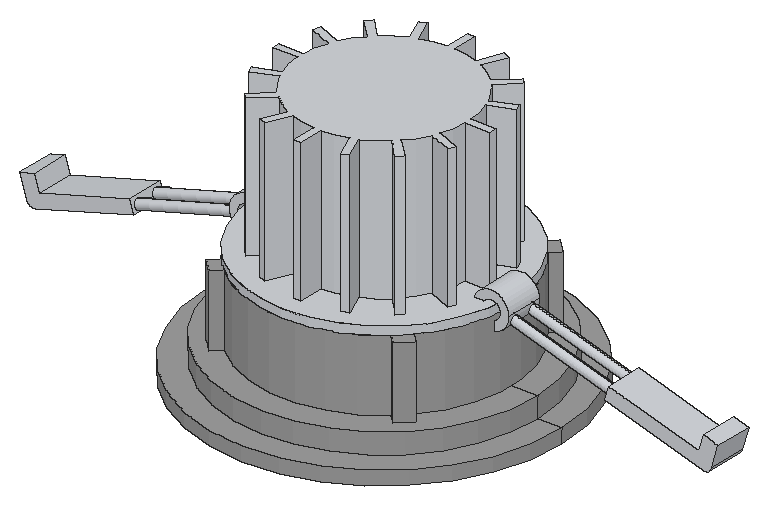
Revit family "Alcon-14144-R-DIR-WL-Revit-Family", category Lighting Fixtures, host Ceiling, Revit 2021
Family settings
  Host = Ceiling
  Round Connector Dimension = Use Diameter
  Part Type = Normal
  Always vertical = Yes
  Cut with Voids When Loaded = No
  Light Source = Yes
  Shared = No
  Room Calculation Point = No
Parameters
  Wattage = 9.2903 W
  built-in parameter 1150110 = 1 (stored number, unit not read)
  built-in parameter 1114217 = 1 (stored number, unit not read)
  Tilt Angle = 60.00°
  built-in parameter 1150109 = 1 (stored number, unit not read)
  built-in parameter 1150134 = 3
  built-in parameter 1150113 = 1 (stored number, unit not read)
  built-in parameter 1010507 = 1.5708 (stored number, unit not read)
  built-in parameter 1010506 = 0.5236 (stored number, unit not read)
  Product Identity = "Alcon Light 14144-R-DIR-WL"
  Metal = none
  Manufacturer = "Alcon Light"
  built-in parameter 1150105 = 4614.1 (stored number, unit not read)
  Lumens = 1380 lm
  built-in parameter 1150115 = 1 (stored number, unit not read)
  Link To Product Page = "https://www.alconlighting.com/14144-r-dir-wl.html"
  Light Source Symbol Length = 10' - 0"
  Light Source = Light Source
  built-in parameter 1150137 = (empty or 0)
  built-in parameter 1150139 = (empty or 0)
  Lens = Glass
  built-in parameter 1150112 = 1 (stored number, unit not read)
  built-in parameter 1150114 = 1 (stored number, unit not read)
  built-in parameter 1150132 = (empty or 0)
  built-in parameter 1150102 = (empty or 0)
  built-in parameter 1150107 = 3200 (stored number, unit not read)
  built-in parameter 1150138 = (empty or 0)
  built-in parameter 1150106 = 46.141 (stored number, unit not read)
  Housing = Default
  Engine = none
  built-in parameter 1150104 = 13.8 (stored number, unit not read)
  Dimming Lamp Color Temperature Shift = (empty or 0)
  Default Elevation = 0' - 0"
  Color Filter = 16777215
  built-in parameter 1114218 = 1 (stored number, unit not read)
  built-in parameter 1150133 = 10 (stored number, unit not read)
Reference planes (in)
  plane 1 "Center (Front/Back)": y = 0
  plane 2 "Ceiling": z = 96
  plane 3 "Center (Left/Right)": x = 0
Forms (in)
  Extrusion 1, void
    sketch origin (0, 0, 96) x (1, 0, 0) y (0, 1, 0)
      loop
        circle (0, 0) r 1.59375
    from -0.2445 to 0.67578
  Revolve 2, solid, material "Default" <- "Housing"
    sketch origin (0, 0, -0.12653) x (1, 0, 0) y (0, 0, 1)
      loop
        line (1, 96) -> (1.59375, 96) -> (1.59375, 96.12653) -> (1.37608, 96.12653) -> (1.37608, 96.31053) -> (1, 96.31053) -> (1, 96)
      axis (0, 96) -> (0, 96.31053)
    angle from 0 to 360
  Extrusion 3, solid, material <- "Metal"
    sketch origin (-0.00836, 0, -62.41422) x (-1, 0, 0) y (0, 0, -1)
      loop
        circle (-1.10049, -159.26129) r 0.16048
      loop
        circle (-1.10049, -159.26129) r 0.08524
    from -0.16797 to 0.16797
  Extrusion 4, solid, material <- "Metal"
    sketch origin (133.79334, 0, 8.72401) x (-0.54711, 0, -0.837061) y (0.837061, 0, -0.54711)
      loop
        line (-1.52969, -158.27878) -> (-1.41427, -158.24349) -> (-1.68172, -157.36866)
        arc (-1.68172, -157.36866) -> (-1.71422, -157.32923) -> (-1.76507, -157.32433) r 0.06675
        line (-1.76507, -157.32433) -> (-1.95893, -157.3836) -> (-1.91808, -157.51723) -> (-1.77581, -157.47373) -> (-1.52969, -158.27878)
    from -0.16797 to 0.16797
  Extrusion 5, solid, material <- "Metal"
    sketch origin (2.0737, 0, 96.49605) x (0.278479, 0, 0.960442) y (0, 1, 0)
      loop
        circle (0.05869, 0.09783) r 0.04098
      loop
        circle (0.05869, -0.10564) r 0.04098
    from -0.03586 to 0.91861
  Extrusion 6, void
    sketch origin (0, 0, -0.28465) x (0, 1, 0) y (0, 0, 1)
      loop
        line (0.18604, 96.97362) -> (0.18604, 97.06477) -> (-0.18604, 97.06477) -> (-0.18604, 96.97362) -> (0.18604, 96.97362)
    from -1.34358 to 1.40984
  Revolve 7, solid, material "Glass" <- "Lens"
    sketch origin (0, 0, 0) x (1, 0, 0) y (0, 0, 1)
      loop
        line (1, 95.90213) -> (1, 95.96347) -> (0, 95.96347) -> (0, 95.90213) -> (1, 95.90213)
      axis (0, 95.90213) -> (0, 95.96347)
    angle from 0 to 360
  Revolve 8, solid, material "Light Source" <- "Light Source"
    sketch origin (0, 0, 0) x (1, 0, 0) y (0, 0, 1)
      loop
        line (0, 96.07747) -> (1, 96.07747) -> (1, 96.184) -> (0, 96.184) -> (0, 96.07747)
      axis (0, 96.07747) -> (0, 96.184)
    angle from 0 to 360
  Extrusion 9, solid, material <- "Engine"
    sketch origin (0, 0, 36.23322) x (1, 0, 0) y (0, 1, 0)
      loop
        arc (-0.34282, 0.91409) -> (-0.3736, 0.90195) -> (-0.40395, 0.88877) r 0.97626
        line (-0.40395, 0.88877) -> (-0.3173, 0.67958)
        arc (-0.3173, 0.67958) -> (-0.41668, 0.6236) -> (-0.50642, 0.55321) r 0.75
        line (-0.50642, 0.55321) -> (-0.66653, 0.71332)
        arc (-0.66653, 0.71332) -> (-0.69032, 0.69032) -> (-0.71332, 0.66653) r 0.97626
        line (-0.71332, 0.66653) -> (-0.55321, 0.50642)
        arc (-0.55321, 0.50642) -> (-0.6236, 0.41668) -> (-0.67958, 0.3173) r 0.75
        line (-0.67958, 0.3173) -> (-0.88877, 0.40395)
        arc (-0.88877, 0.40395) -> (-0.90195, 0.3736) -> (-0.91409, 0.34282) r 0.97626
        line (-0.91409, 0.34282) -> (-0.70489, 0.25617)
        arc (-0.70489, 0.25617) -> (-0.73559, 0.14632) -> (-0.74927, 0.03308) r 0.75
        line (-0.74927, 0.03308) -> (-0.9757, 0.03308)
        arc (-0.9757, 0.03308) -> (-0.97626, 0) -> (-0.9757, -0.03308) r 0.97626
        line (-0.9757, -0.03308) -> (-0.74927, -0.03308)
        arc (-0.74927, -0.03308) -> (-0.73559, -0.14632) -> (-0.70489, -0.25617) r 0.75
        line (-0.70489, -0.25617) -> (-0.91409, -0.34282)
        arc (-0.91409, -0.34282) -> (-0.90195, -0.3736) -> (-0.88877, -0.40395) r 0.97626
        line (-0.88877, -0.40395) -> (-0.67958, -0.3173)
        arc (-0.67958, -0.3173) -> (-0.6236, -0.41668) -> (-0.55321, -0.50642) r 0.75
        line (-0.55321, -0.50642) -> (-0.71332, -0.66653)
        arc (-0.71332, -0.66653) -> (-0.69032, -0.69032) -> (-0.66653, -0.71332) r 0.97626
        line (-0.66653, -0.71332) -> (-0.50642, -0.55321)
        arc (-0.50642, -0.55321) -> (-0.41668, -0.6236) -> (-0.3173, -0.67958) r 0.75
        line (-0.3173, -0.67958) -> (-0.40395, -0.88877)
        arc (-0.40395, -0.88877) -> (-0.3736, -0.90195) -> (-0.34282, -0.91409) r 0.97626
        line (-0.34282, -0.91409) -> (-0.25617, -0.70489)
        arc (-0.25617, -0.70489) -> (-0.14632, -0.73559) -> (-0.03308, -0.74927) r 0.75
        line (-0.03308, -0.74927) -> (-0.03308, -0.9757)
        arc (-0.03308, -0.9757) -> (0, -0.97626) -> (0.03308, -0.9757) r 0.97626
        line (0.03308, -0.9757) -> (0.03308, -0.74927)
        arc (0.03308, -0.74927) -> (0.14632, -0.73559) -> (0.25617, -0.70489) r 0.75
        line (0.25617, -0.70489) -> (0.34282, -0.91409)
        arc (0.34282, -0.91409) -> (0.3736, -0.90195) -> (0.40395, -0.88877) r 0.97626
        line (0.40395, -0.88877) -> (0.3173, -0.67958)
        arc (0.3173, -0.67958) -> (0.41668, -0.6236) -> (0.50642, -0.55321) r 0.75
        line (0.50642, -0.55321) -> (0.66653, -0.71332)
        arc (0.66653, -0.71332) -> (0.69032, -0.69032) -> (0.71332, -0.66653) r 0.97626
        line (0.71332, -0.66653) -> (0.55321, -0.50642)
        arc (0.55321, -0.50642) -> (0.6236, -0.41668) -> (0.67958, -0.3173) r 0.75
        line (0.67958, -0.3173) -> (0.88877, -0.40395)
        arc (0.88877, -0.40395) -> (0.90195, -0.3736) -> (0.91409, -0.34282) r 0.97626
        line (0.91409, -0.34282) -> (0.70489, -0.25617)
        arc (0.70489, -0.25617) -> (0.73559, -0.14632) -> (0.74927, -0.03308) r 0.75
        line (0.74927, -0.03308) -> (0.9757, -0.03308)
        arc (0.9757, -0.03308) -> (0.97626, 0) -> (0.9757, 0.03308) r 0.97626
        line (0.9757, 0.03308) -> (0.74927, 0.03308)
        arc (0.74927, 0.03308) -> (0.73559, 0.14632) -> (0.70489, 0.25617) r 0.75
        line (0.70489, 0.25617) -> (0.91409, 0.34282)
        arc (0.91409, 0.34282) -> (0.90195, 0.3736) -> (0.88877, 0.40395) r 0.97626
        line (0.88877, 0.40395) -> (0.67958, 0.3173)
        arc (0.67958, 0.3173) -> (0.6236, 0.41668) -> (0.55321, 0.50642) r 0.75
        line (0.55321, 0.50642) -> (0.71332, 0.66653)
        arc (0.71332, 0.66653) -> (0.69032, 0.69032) -> (0.66653, 0.71332) r 0.97626
        line (0.66653, 0.71332) -> (0.50642, 0.55321)
        arc (0.50642, 0.55321) -> (0.41668, 0.6236) -> (0.3173, 0.67958) r 0.75
        line (0.3173, 0.67958) -> (0.40395, 0.88877)
        arc (0.40395, 0.88877) -> (0.3736, 0.90195) -> (0.34282, 0.91409) r 0.97626
        line (0.34282, 0.91409) -> (0.25617, 0.70489)
        arc (0.25617, 0.70489) -> (0.14632, 0.73559) -> (0.03308, 0.74927) r 0.75
        line (0.03308, 0.74927) -> (0.03308, 0.9757)
        arc (0.03308, 0.9757) -> (0, 0.97626) -> (-0.03308, 0.9757) r 0.97626
        line (-0.03308, 0.9757) -> (-0.03308, 0.74927)
        arc (-0.03308, 0.74927) -> (-0.14632, 0.73559) -> (-0.25617, 0.70489) r 0.75
        line (-0.25617, 0.70489) -> (-0.34282, 0.91409)
    from 60.66791 to 61.93461
  Extrusion 10, solid, material "Default" <- "Housing"
    sketch origin (0, 0, 96) x (1, 0, 0) y (0, 1, 0)
      loop
        arc (-0.74733, -0.86334) -> (0, -1.14186) -> (0.74733, -0.86334) r 1.14186
        line (0.74733, -0.86334) -> (0.82397, -0.93998)
        arc (0.82397, -0.93998) -> (0.88388, -0.88388) -> (0.93998, -0.82397) r 1.25
        line (0.93998, -0.82397) -> (0.86334, -0.74733)
        arc (0.86334, -0.74733) -> (1.14186, 0) -> (0.86334, 0.74733) r 1.14186
        line (0.86334, 0.74733) -> (0.93998, 0.82397)
        arc (0.93998, 0.82397) -> (0.88388, 0.88388) -> (0.82397, 0.93998) r 1.25
        line (0.82397, 0.93998) -> (0.74733, 0.86334)
        arc (0.74733, 0.86334) -> (0, 1.14186) -> (-0.74733, 0.86334) r 1.14186
        line (-0.74733, 0.86334) -> (-0.82397, 0.93998)
        arc (-0.82397, 0.93998) -> (-0.88388, 0.88388) -> (-0.93998, 0.82397) r 1.25
        line (-0.93998, 0.82397) -> (-0.86334, 0.74733)
        arc (-0.86334, 0.74733) -> (-1.14186, 0) -> (-0.86334, -0.74733) r 1.14186
        line (-0.86334, -0.74733) -> (-0.93998, -0.82397)
        arc (-0.93998, -0.82397) -> (-0.88388, -0.88388) -> (-0.82397, -0.93998) r 1.25
        line (-0.82397, -0.93998) -> (-0.74733, -0.86334)
      loop
        circle (0, 0) r 1.04165
    from 0.184 to 0.82596
  Extrusion 11, solid, material <- "Metal"
    sketch origin (0.00836, 0, -62.41422) x (1, 0, 0) y (0, 0, 1)
      loop
        circle (-1.10049, 159.26129) r 0.16048
      loop
        circle (-1.10049, 159.26129) r 0.08524
    from -0.16797 to 0.16797
  Extrusion 12, solid, material <- "Metal"
    sketch origin (-133.79334, 0, 8.72401) x (0.54711, 0, -0.837061) y (0.837061, 0, 0.54711)
      loop
        line (-1.52969, 158.27878) -> (-1.77581, 157.47373) -> (-1.91808, 157.51723) -> (-1.95893, 157.3836) -> (-1.76507, 157.32433)
        arc (-1.76507, 157.32433) -> (-1.71422, 157.32923) -> (-1.68172, 157.36866) r 0.06675
        line (-1.68172, 157.36866) -> (-1.41427, 158.24349) -> (-1.52969, 158.27878)
    from -0.16797 to 0.16797
  Extrusion 13, solid, material <- "Metal"
    sketch origin (-2.0737, 0, 96.49605) x (-0.278479, 0, 0.960442) y (0, -1, 0)
      loop
        circle (0.05869, -0.09783) r 0.04098
      loop
        circle (0.05869, 0.10564) r 0.04098
    from -0.03586 to 0.91861
  Extrusion 14, solid, material <- "Engine"
    sketch origin (0, 0, 96) x (1, 0, 0) y (0, 1, 0)
      loop
        circle (0, 0) r 1.14186
    from 0.82596 to 0.90114
Cuts and joins
  Extrusion 6 cuts Revolve 2
  Extrusion 6 cuts Extrusion 10
Dimensions and locks (in)
  equal spacing: host sketch curve, plane 3 "Center (Left/Right)", host sketch curve
  equal spacing: host sketch curve, plane 1 "Center (Front/Back)", host sketch curve
  host sketch curve to host sketch curve = 10' - 0"  (x2)
